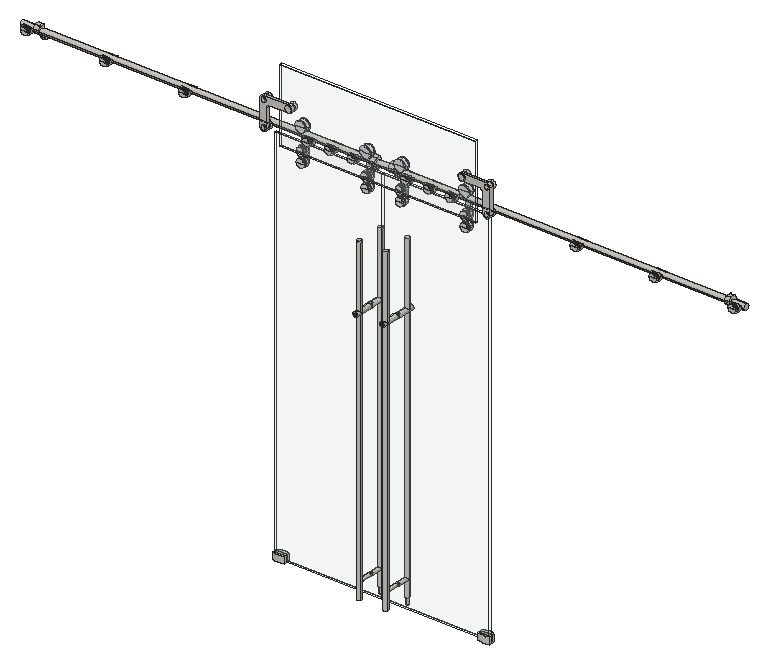
Revit family "Doors_Sliding_Avanti_Systems_Eclipse-Sliding-Pair-Glass-Barn-Doors-Sgl-Glazed", category Doors, Revit 2015 (continued)
Definition of nested family "Handle"
  Nested families (in)
    nested 9: "Handle_For-Glass_Rounded_60in2" at (1.625, 2.47039, -1.875), visible <- "Ladder 60"", Handle Material <- "Material", type "60""
      with No locker no, Locker yes, Handle Material none, Handle Height 60"
  Definition of nested family "Family2"
    Parameters (values of type "Family2")
      Thickness = 1/2"
      Material = none
      Lock = no
    Reference planes (in)
      plane 1 "Center (Front/Back)": y = 0
      plane 2: z = 0
      plane 3 "Center (Left/Right)": x = 0
      plane 4: z = -2.09734
      plane 5: z = -1.59734
    Forms (in)
      Extrusion 1, solid, material <- "Material"
        sketch origin (0, 0, 0) x (0, 1, 0) y (0, 0, 1)
          loop
            line (5.04078, -0.345) -> (5.04078, 0) -> (-2.39922, 0) -> (-2.39922, -0.345) -> (5.04078, -0.345)
        from 0 to 1
      Extrusion 2, solid, material <- "Material"
        sketch origin (0, 0, 0) x (0, 1, 0) y (0, 0, 1)
          loop
            line (-0.3074, -0.345) -> (-1.4374, -0.345) -> (-1.4374, -1.31734) -> (-0.3074, -1.31734) -> (-0.3074, -0.345)
        from 0.32565 to 0.66353
      Extrusion 3, solid, material <- "Material"
        sketch origin (0, 0, 0) x (0, 1, 0) y (0, 0, 1)
          loop
            line (-1.4374, -1.31734) -> (-1.4374, -1.59734) -> (1.43807, -1.59734) -> (1.43807, -1.31734) -> (-1.4374, -1.31734)
          loop
            line (1.45803, -2.09734) -> (-1.41697, -2.09734) -> (-1.41697, -3.82961)
            arc (-1.41697, -3.82961) -> (-1.36191, -3.96254) -> (-1.22897, -4.01761) r 0.188
            line (-1.22897, -4.01761) -> (1.27003, -4.01761)
            arc (1.27003, -4.01761) -> (1.40297, -3.96254) -> (1.45803, -3.82961) r 0.188
            line (1.45803, -3.82961) -> (1.45803, -2.09734)
        from 0 to 1
      Extrusion 4, solid, material <- "Material"
        sketch origin (0, 0, 0) x (0, 1, 0) y (0, 0, 1)
          loop
            arc (-3.2641, -0.65221) -> (-3.242, -0.64306) -> (-3.23285, -0.62096) r 0.03125
            line (-3.23285, -0.62096) -> (-3.23285, 0) -> (-3.4516, 0) -> (-3.4516, -0.62096)
            arc (-3.4516, -0.62096) -> (-3.44244, -0.64306) -> (-3.42035, -0.65221) r 0.03125
            line (-3.42035, -0.65221) -> (-3.2641, -0.65221)
        from 0.32565 to 0.66353
      Extrusion 5, solid, material <- "Material", visible <- "Lock"
        sketch origin (1, 0, 0) x (0, 1, 0) y (0, 0, 1)
          loop
            circle (0.20853, -3.12734) r 0.58
          loop
            circle (0.20853, -3.12734) r 0.5625
          loop
            circle (-0.07272, -3.12734) r 0.22671
        from 0 to 0.25
      Extrusion 6, solid, material <- "Material", visible <- "Lock"
        sketch origin (1, 0, 0) x (0, 1, 0) y (0, 0, 1)
          loop
            circle (0.20853, -3.12734) r 0.5625
        from 0 to 0.20472
      Extrusion 7, solid, material <- "Material", visible <- "Lock", not visible
        sketch origin (1, 0, 0) x (0, 1, 0) y (0, 0, 1)
          loop
            circle (0.20853, -3.12734) r 0.58
          loop
            circle (0.20853, -3.12734) r 0.5625
          loop
            circle (-0.07272, -3.12734) r 0.22671
        from 0 to 0.25
      Extrusion 8, solid, material <- "Material", visible <- "Lock", not visible
        sketch origin (1, 0, 0) x (0, 1, 0) y (0, 0, 1)
          loop
            circle (0.20853, -3.12734) r 0.5625
        from 0 to 0.20472
    Lines and regions (in)
      model lines, not visible
        curve 1: line (0, -0.35397, -3.12734) -> (0, 0.39603, -3.12734)
        curve 2: line (0, -0.35397, -3.12734) -> (0, 0.39603, -3.12734)
    Dimensions and locks (in)
      "Thickness": plane 4 to plane 5
      locked: plane 5 to plane 2 at 1.59734
      aligned and locked: level to plane 2
      aligned and locked: plane 5 to Extrusion 3 sketch curve
      aligned and locked: Extrusion 3 sketch curve to Extrusion 2
      aligned and locked: Extrusion 3 sketch curve to plane 4
  Definition of nested family "Family3"
    Parameters (values of type "Family3")
      Thickness = 0.50125"
      Material = none
    Reference planes (in)
      plane 1 "Center (Front/Back)": y = 0
      plane 2: z = 0
      plane 3 "Center (Left/Right)": x = 0
      plane 4: z = 0.26102
      plane 5: z = -0.24023
    Forms (in)
      Extrusion 1, solid, material <- "Material"
        sketch origin (-0.98898, 0.625, 0.26102) x (0, 0, -1) y (0, 1, 0)
          loop
            line (-0.28125, 0.125) -> (-0.28125, -2.375) -> (0, -2.375) -> (0, 0) -> (0.50125, 0) -> (0.50125, -2.37518) -> (0.78125, -2.37518) -> (0.78125, 0.125) -> (-0.28125, 0.125)
        from 0 to 1.25
      Revolve 2, solid, material <- "Material"
        sketch origin (-0.36398, 0.615, 0.26102) x (0, 0, -1) y (0, 1, 0)
          loop
            line (-0.28125, -0.615) -> (-1.5092, -0.615) -> (-1.5092, -0.995) -> (-0.28125, -0.995) -> (-0.28125, -0.615)
          axis (-1.5092, -0.995) -> (-0.28125, -0.995)
        angle from 0 to 360
    Dimensions and locks (in)
      "Thickness": plane 4 to plane 5
      locked: Extrusion 1 to plane 4 at 0.28125
      locked: plane 5 to Extrusion 1 at 0.28
      aligned and locked: level to plane 2
      aligned and locked: Extrusion 1 to plane 4
      aligned and locked: plane 5 to Extrusion 1
  Definition of nested family "Handle Timber"
    Parameters (values of type "Handle Timber")
      Locker [instance] = yes
      Handle material = none
      Default Elevation = 48"
    Reference planes (in)
      plane 1 "Center (Front/Back)": y = 0
      plane 2: z = 0
      plane 3 "Center (Left/Right)": x = 0
    Forms (in)
      Extrusion 1, solid, material <- "Handle material"
        sketch origin (0, 0.00944, 0.00975) x (-1, 0, 0) y (0, -1, 0.00026)
          loop
            line (0.82036, -6.01526) -> (0.82036, -4.11121)
            arc (0.82036, -4.11121) -> (0, -3.29085) -> (-0.82036, -4.11121) r 0.82036
            line (-0.82036, -4.11121) -> (-0.82036, -6.01526)
            arc (-0.82036, -6.01526) -> (0, -6.83563) -> (0.82036, -6.01526) r 0.82036
          loop
            line (0.82036, -0.95129) -> (0.82036, 0.95276)
            arc (0.82036, 0.95276) -> (0, 1.77313) -> (-0.82036, 0.95276) r 0.82036
            line (-0.82036, 0.95276) -> (-0.82036, -0.95129)
            arc (-0.82036, -0.95129) -> (0, -1.77165) -> (0.82036, -0.95129) r 0.82036
        from -0.36 to -0.00798
      Sweep 2, solid, material <- "Handle material"
        path origin (0, 0.00944, 0.00975) x (-1, 0, 0) y (0, 0.00026, 1)
          loop
            line (0.00372, -0.36) -> (0.00372, -2.13165)
            arc (0.00372, -2.13165) -> (0.19244, -2.58727) -> (0.64805, -2.77599) r 0.64433
            line (0.64805, -2.77599) -> (4.19136, -2.77599)
            arc (4.19136, -2.77599) -> (4.78191, -2.53137) -> (5.02652, -1.94082) r 0.83517
            line (5.02652, -1.94082) -> (5.02652, -0.63757)
        profile origin (-0.00372, 0.00911, -1.23607) x (-1, 0, 0) y (0, 1, -0.00026)
          loop
            circle (0, 0) r 0.3937
      Extrusion 3, solid, material <- "Handle material", visible <- "Locker"
        sketch origin (0, 0.00944, 0.00975) x (-1, 0, 0) y (0, -1, 0.00026)
          loop
            line (0.82009, 4.11958) -> (0.82408, 6.02363)
            arc (0.82408, 6.02363) -> (0.00543, 6.84571) -> (-0.81665, 6.02706) r 0.82036
            line (-0.81665, 6.02706) -> (-0.82063, 4.12301)
            arc (-0.82063, 4.12301) -> (-0.00199, 3.30093) -> (0.82009, 4.11958) r 0.82036
        from -0.36 to -0.01061
    Lines and regions (in)
      reference lines
        curve 1: line (0, 6.84506, 0) -> (0, -6.83627, 0)
        curve 2: line (-5.42022, 0.00893, 0) -> (0.82036, 0.00893, 0)
    Dimensions and locks (in)
      aligned and locked: level to plane 2
  Definition of nested family "Hinged Framed Swing locker"
    Parameters (values of type "Hinged Framed Swing locker")
      Thickness = 1/2"
      Lock = yes
      Handle and assembly material [instance] = none
    Reference planes (in)
      plane 1 "Center (Front/Back)": y = 0
      plane 2: z = 0
      plane 3 "Center (Left/Right)": x = 0
      plane 4: y = 0.59375
      plane 5: y = -0.59375
      plane 6: x = -1
      plane 7: x = 1
      plane 8: y = 0.25
      plane 9: y = -0.25
      plane 10: x = 1.5
      plane 11: z = 8
      plane 12: z = 4.6875
      plane 13: z = 3.6875
      plane 14: z = 3.125
      plane 15: x = 1.38539
      plane 16: z = 2.79297
      plane 17: y = 0.25
      plane 18: y = -0.25
      plane 19: x = 0.90286
      plane 20: z = 6.0625
      plane 21: y = -0.84375
      plane 22: y = -0.80275
      plane 23 "handle_center": z = 2.4375
      plane 24: x = -4.375
      plane 25: y = -1.23355
      plane 26: z = 2.69544
      plane 27: z = 2.17956
      plane 28: y = -2.05222
      plane 29: y = -2.71875
      plane 30: z = 2.69544
      plane 31: z = 2.17956
      plane 32: z = 4.25
      plane 33: z = 3.75
      plane 34: z = 4
    Forms (in)
      Extrusion 1, solid, material <- "Handle and assembly material"
        sketch origin (0, -4, 4) x (1, 0, 0) y (0, 0, -1)
          loop
            line (-1, 0.59375) -> (-1, 0.25) -> (0.90286, 0.25) -> (0.90286, -0.25) -> (-1, -0.25) -> (-1, -0.59375) -> (1, -0.59375) -> (1, 0.59375) -> (-1, 0.59375)
        from 0 to 8
      Extrusion 2, solid, material <- "Handle and assembly material", detail levels fine
        sketch origin (0, -4, 4) x (1, 0, 0) y (0, 0, -1)
          loop
            line (1, 0.25) -> (1, -0.25)
            arc (1, -0.25) -> (1.27121, -0.02121) -> (1.5, 0.25) r 2.09856
            line (1.5, 0.25) -> (1, 0.25)
        from 3.6875 to 4.6875
      Extrusion 3, solid, material <- "Handle and assembly material", detail levels fine
        sketch origin (0, -4, 4) x (1, 0, 0) y (0, 0, -1)
          loop
            line (1, 0.25) -> (1, -0.25)
            arc (1, -0.25) -> (1.0598, -0.20427) -> (1.0921, -0.13627) r 0.16012
            arc (1.0921, -0.13627) -> (1.11202, -0.10046) -> (1.14874, -0.08227) r 0.06897
            line (1.14874, -0.08227) -> (1.30312, -0.08227)
            arc (1.30312, -0.08227) -> (1.36129, -0.05818) -> (1.38539, 0) r 0.08227
            arc (1.38539, 0) -> (1.36129, 0.05818) -> (1.30312, 0.08227) r 0.08227
            line (1.30312, 0.08227) -> (1.14874, 0.08227)
            arc (1.14874, 0.08227) -> (1.11202, 0.10046) -> (1.0921, 0.13627) r 0.06897
            arc (1.0921, 0.13627) -> (1.0598, 0.20427) -> (1, 0.25) r 0.16012
        from 2.79297 to 3.125
      Extrusion 4, solid, material <- "Handle and assembly material", visible <- "Lock", detail levels medium+fine
        sketch origin (1, -4, 4.59375) x (-1, 0, 0) y (0, -1, 0)
          loop
            circle (1, -6.0625) r 0.63654
          loop
            circle (1, -6.0625) r 0.60041
        from 0 to 0.25
      Extrusion 5, solid, material <- "Handle and assembly material", visible <- "Lock", detail levels medium+fine
        sketch origin (1, -4, 4.59375) x (-1, 0, 0) y (0, -1, 0)
          loop
            circle (1, -6.0625) r 0.60041
        from 0 to 0.209
      Blend 6, solid, material <- "Handle and assembly material", visible <- "Lock", detail levels fine
        base sketch origin (1, -4, 4.80275) x (-1, 0, 0) y (0, -1, 0)
          loop
            circle (1, -5.84645) r 0.21605
        top sketch origin (1, -4, 4.80275) x (-1, 0, 0) y (0, -1, 0)
          loop
            circle (1, -5.84645) r 0.19257
        from 0 to 0.041
      Extrusion 7, solid, material <- "Handle and assembly material"
        sketch origin (1, -4, 4.59375) x (-1, 0, 0) y (0, -1, 0)
          loop
            circle (1, -2.4375) r 0.35547
        from 0 to 1.45847
      Extrusion 8, void
        sketch origin (0.04357, -4.04543, 4) x (0, 0, -1) y (-0.017452, 0.999848, 0)
          loop
            line (-1.23355, 2.79297) -> (-1.23355, 2.90667) -> (-2.86779, 2.90667) -> (-2.86779, 2.69544) -> (-1.36779, 2.69544)
            arc (-1.36779, 2.69544) -> (-1.28242, 2.71908) -> (-1.23355, 2.79297) r 0.12635
        from -3.60215 to 0.49573
      Extrusion 9, solid, material <- "Handle and assembly material"
        sketch origin (1, -4, 4.59375) x (-1, 0, 0) y (0, -1, 0)
          loop
            arc (0.71851, -2.22043) -> (0.66353, -2.32283) -> (0.64453, -2.4375) r 0.35547
            arc (0.64453, -2.4375) -> (0.66353, -2.55217) -> (0.71851, -2.65457) r 0.35547
            line (0.71851, -2.65457) -> (5.3098, -2.57443) -> (5.375, -2.50923) -> (5.375, -2.36577) -> (5.3098, -2.30057) -> (0.71851, -2.22043)
        from 1.45847 to 2.125
      Extrusion 10, void
        sketch origin (0.04357, 0.92043, 4) x (0, 0, -1) y (0.017452, 0.999848, 0)
          loop
            arc (-1.23355, -2.79297) -> (-1.28242, -2.71908) -> (-1.36779, -2.69544) r 0.12635
            line (-1.36779, -2.69544) -> (-2.86779, -2.69544) -> (-2.86779, -2.90667) -> (-1.23355, -2.90667) -> (-1.23355, -2.79297)
        from -3.60215 to 0.49573
      Extrusion 11, solid, material <- "Handle and assembly material"
        sketch origin (1, -4, 3.40625) x (0, 1, 0) y (1, 0, 0)
          loop
            circle (2.4375, -1) r 0.35547
        from 0 to 1.45847
      Extrusion 12, void
        sketch origin (0.04357, -4.04543, 4) x (0, 0, 1) y (0.017452, -0.999848, 0)
          loop
            arc (-1.23355, -2.79297) -> (-1.28242, -2.71908) -> (-1.36779, -2.69544) r 0.12635
            line (-1.36779, -2.69544) -> (-2.86779, -2.69544) -> (-2.86779, -2.90667) -> (-1.23355, -2.90667) -> (-1.23355, -2.79297)
        from -3.60215 to 0.49573
      Extrusion 13, solid, material <- "Handle and assembly material"
        sketch origin (1, -4, 3.40625) x (0, 1, 0) y (1, 0, 0)
          loop
            line (2.22043, -0.71851) -> (2.30057, -5.3098) -> (2.36577, -5.375) -> (2.50923, -5.375) -> (2.57443, -5.3098) -> (2.65457, -0.71851)
            arc (2.65457, -0.71851) -> (2.55217, -0.66353) -> (2.4375, -0.64453) r 0.35547
            arc (2.4375, -0.64453) -> (2.32283, -0.66353) -> (2.22043, -0.71851) r 0.35547
        from 1.45847 to 2.125
      Extrusion 14, void
        sketch origin (0.04357, 0.92043, 4) x (0, 0, 1) y (-0.017452, -0.999848, 0)
          loop
            line (-1.23355, 2.79297) -> (-1.23355, 2.90667) -> (-2.86779, 2.90667) -> (-2.86779, 2.69544) -> (-1.36779, 2.69544)
            arc (-1.36779, 2.69544) -> (-1.28242, 2.71908) -> (-1.23355, 2.79297) r 0.12635
        from -3.60215 to 0.49573
    Cuts and joins
      Extrusion 8, Extrusion 10, Extrusion 12, Extrusion 14 cuts Extrusion 7
      Extrusion 10, Extrusion 12, Extrusion 14 cuts Extrusion 9
      joined: Extrusion 7, Extrusion 9
      Extrusion 12, Extrusion 14 cuts Extrusion 11
      Extrusion 12 cuts Extrusion 13
      joined: Extrusion 11, Extrusion 13
    Lines and regions (in)
      reference lines
        curve 1: line (0.35547, -1.5625, 0) -> (-4.39453, -1.5625, 0)
    Dimensions and locks (in)
      plane 4 to plane 5 = 1 3/16"
      plane 6 to plane 7 = 2"
      plane 11 to plane 2 = 8"
      plane 11 to plane 12 to plane 13 to plane 14 to plane 16 = 3 5/16" locked, 1" locked, 9/16" locked, 85/256" locked
      equal spacing: plane 17, plane 1 "Center (Front/Back)", plane 18
      "Thickness": plane 17 to plane 18
      locked: plane 19 to plane 7 at 0.09714
      locked: plane 15 to plane 10 at 0.11461
      equal spacing: plane 6, plane 3 "Center (Left/Right)", plane 7
      locked: plane 11 to plane 20 at 1.9375
      locked: plane 5 to plane 21 at 0.25
      locked: plane 22 to plane 21 at 0.041
      locked: plane 11 to plane 23 "handle_center" at 5.5625
      locked: plane 24 to plane 7 at 5.375
      locked: plane 5 to plane 29 at 2.125
      "Thickness": plane 32 to plane 33
      locked: Extrusion 1 to plane 32 at 0.34375
      locked: plane 33 to Extrusion 1 at 0.34375
      aligned and locked: level to plane 2
      aligned and locked: Extrusion 1 sketch curve to plane 6  (x2)
      aligned and locked: plane 7 to Extrusion 1 sketch curve
      aligned and locked: plane 7 to Extrusion 3 sketch curve  (x2)
      aligned and locked: plane 15 to Extrusion 3 sketch curve
      aligned and locked: plane 7 to Extrusion 2 sketch curve  (x2)
      aligned and locked: plane 10 to Extrusion 2 sketch curve
      aligned and locked: plane 19 to Extrusion 1 sketch curve
      aligned and locked: Extrusion 1 to plane 32
      aligned and locked: plane 33 to Extrusion 1
    Automatic sketch dimensions
      Extrusion 1 sketch curve to plane 12 = 3/32"
      Extrusion 1 sketch curve to Extrusion 1 sketch curve = 11/32"
      plane 13 to Extrusion 1 sketch curve = 1/16"
      Extrusion 1 sketch curve to plane 13 = 9/32"
      plane 23 "handle_center" to Extrusion 2 sketch curve = 0.09981"
      Extrusion 2 sketch curve to plane 3 "Center (Left/Right)" = 0.21269"
      plane 13 to Extrusion 2 sketch curve = 1/16"
      Extrusion 3 sketch curve to Extrusion 3 sketch curve = 0"  (x2)
      plane 19 to Extrusion 3 sketch curve = 0.0325"  (x2)
      Extrusion 3 sketch curve to plane 7 = 0.14874"  (x2)
      Extrusion 3 sketch curve to Extrusion 3 sketch curve = 0.01087"  (x2)
      Extrusion 3 sketch curve to Extrusion 3 sketch curve = 0.08227"
      Extrusion 3 sketch curve to plane 12 = 7/16"
      Extrusion 3 sketch curve to Extrusion 3 sketch curve = 0.09962"
      Extrusion 3 sketch curve to Extrusion 3 sketch curve = 0.1465"
      Extrusion 3 sketch curve to Extrusion 3 sketch curve = 0.06811"  (x2)
      Extrusion 3 sketch curve to Extrusion 3 sketch curve = 0.20701"
      plane 13 to Extrusion 3 sketch curve = 1/16"
      Extrusion 4 sketch curve to Extrusion 4 sketch curve = 0"  (x2)
      Extrusion 4 sketch curve to Extrusion 1 = 1"
      Extrusion 1 to Extrusion 4 sketch curve = 1 15/16"
      Extrusion 5 sketch curve to Extrusion 1 = 1"
      Extrusion 1 to Extrusion 5 sketch curve = 1 15/16"
      Extrusion 7 sketch curve to plane 3 "Center (Left/Right)" = 0"
      plane 25 to Extrusion 7 sketch curve = 0.32895"
      plane 20 to Extrusion 8 sketch curve = 0.80529"
      plane 12 to Extrusion 8 sketch curve = 0.68029"
      Extrusion 8 sketch curve to Extrusion 8 sketch curve = 0.0111"
      Extrusion 8 sketch curve to Extrusion 8 sketch curve = 0.12313"
      Extrusion 8 sketch curve to Extrusion 8 sketch curve = 0.09753"
      Extrusion 8 sketch curve to Extrusion 8 sketch curve = 0.1137"
      Extrusion 9 sketch curve to Extrusion 9 sketch curve = 0"  (x4)
      Extrusion 9 sketch curve to Extrusion 1 = 0.71851"
      Extrusion 9 sketch curve to Extrusion 9 sketch curve = 0.28149"
      Extrusion 1 to Extrusion 9 sketch curve = 3.3098"
      Extrusion 9 sketch curve to Extrusion 9 sketch curve = 0.0652"  (x3)
      Extrusion 1 to Extrusion 9 sketch curve = 2.65457"
      Extrusion 1 to Extrusion 9 sketch curve = 2.57443"
      Extrusion 9 sketch curve to Extrusion 9 sketch curve = 0.21707"
      Extrusion 9 sketch curve to Extrusion 9 sketch curve = 0.14346"
      plane 20 to Extrusion 10 sketch curve = 0.80529"
      plane 12 to Extrusion 10 sketch curve = 0.68029"
      Extrusion 10 sketch curve to Extrusion 10 sketch curve = 0.0111"
      Extrusion 10 sketch curve to Extrusion 10 sketch curve = 0.12313"
      Extrusion 10 sketch curve to Extrusion 10 sketch curve = 0.08537"
      Extrusion 10 sketch curve to Extrusion 10 sketch curve = 0.1137"
      Extrusion 11 sketch curve to plane 3 "Center (Left/Right)" = 0"
      plane 25 to Extrusion 11 sketch curve = 0.32895"
      plane 27 to Extrusion 12 sketch curve = 1.04735"
      Extrusion 12 sketch curve to plane 26 = 0.06323"
      Extrusion 12 sketch curve to plane 26 = 0.05213"
      Extrusion 12 sketch curve to plane 16 = 0.02652"
      Extrusion 12 sketch curve to Extrusion 12 sketch curve = 0.08537"
      Extrusion 12 sketch curve to Extrusion 12 sketch curve = 0.1137"
      Extrusion 13 sketch curve to Extrusion 13 sketch curve = 0"  (x2)
      Extrusion 13 sketch curve to plane 24 = 0"
      Extrusion 13 sketch curve to plane 3 "Center (Left/Right)" = 0"
      plane 28 to Extrusion 13 sketch curve = 0.27265"
      Extrusion 13 sketch curve to plane 24 = 0.0652"  (x2)
      plane 28 to Extrusion 13 sketch curve = 0.35279"
      Extrusion 13 sketch curve to Extrusion 13 sketch curve = 0.0652"  (x2)
      plane 25 to Extrusion 13 sketch curve = 0.32895"
      Extrusion 13 sketch curve to Extrusion 13 sketch curve = 0.14346"
      plane 25 to Extrusion 13 sketch curve = 0.11187"
      plane 3 "Center (Left/Right)" to Extrusion 13 sketch curve = 0.28149"
      plane 27 to Extrusion 14 sketch curve = 1.04735"
      Extrusion 14 sketch curve to plane 26 = 0.06323"
      Extrusion 14 sketch curve to plane 26 = 0.05213"
      Extrusion 14 sketch curve to plane 16 = 0.02652"
      Extrusion 14 sketch curve to Extrusion 14 sketch curve = 0.09753"
      Extrusion 14 sketch curve to Extrusion 14 sketch curve = 0.1137"
      plane 24 to curve 1 = 5/256"
      plane 25 to curve 1 = 0.32895"
      plane 3 "Center (Left/Right)" to curve 1 = 91/256"
      radius of Extrusion 4 sketch curve = 0.63654"
      radius of Extrusion 4 sketch curve = 0.60041"
      radius of Extrusion 5 sketch curve = 0.60041"
      radius of Blend 6 sketch curve = 0.21605"
      radius of Blend 6 sketch curve = 0.19257"
      radius of Extrusion 7 sketch curve = 91/256"
      radius of Extrusion 11 sketch curve = 91/256"
  Definition of nested family "Handle_For-Glass_Rounded_600mm"
    Parameters (values of type "Handle_For-Glass_Rounded_600mm")
      Handle Material [instance] = none
      Handle Height [instance] = 48"  # constant formula
      Default Elevation = 48"
    Reference planes (in)
      plane 1 "Center (Front/Back)": y = 0
      plane 2: z = 26.93599
      plane 3 "Center (Left/Right)": x = 0
      plane 4: z = 0
      plane 5: z = -2.66749
      plane 6: y = -28.44876
      plane 7: y = 14.63423
      plane 8: y = -33.36577
    Forms (in)
      Sweep 1, solid, material <- "Handle Material"
        path origin (0, -17.24158, 0) x (0, 0, 1) y (0, -1, 0)
          loop
            line (-2.10925, 11.20718) -> (0, 11.20718)
        profile origin (0, -28.44876, 0) x (0, -1, 0) y (1, 0, 0)
          loop
            circle (0, 0) r 0.3125
      Sweep 2, solid, material <- "Handle Material"
        path origin (0, 10.76459, 0) x (0, 0, 1) y (0, -1, 0)
          loop
            line (-2.30394, 1.07019) -> (0, 1.07019)
        profile origin (0, 9.69441, 0) x (0, -1, 0) y (1, 0, 0)
          loop
            circle (0, 0) r 0.3125
      Extrusion 3, solid, material <- "Handle Material"
        sketch origin (0, -17.24158, 0) x (1, 0, 0) y (0, 0, -1)
          loop
            circle (0, 2.27257) r 0.39445
        from -16.12419 to 31.87581
    Dimensions and locks (in)
      locked: plane 8 to plane 6 at 4.91701
      "Handle Height": plane 7 to plane 8
      aligned and locked: plane 7 to Extrusion 3
      aligned and locked: Extrusion 3 to plane 8
  Definition of nested family "Handle_For-Glass_Rounded_60in"
    Parameters (values of type "60"")
      No locker [instance] = yes
      Locker [instance] = yes
      Handle Material [instance] = none
      Handle Height [instance] = 60"  # constant formula
    Reference planes (in)
      plane 1 "Center (Front/Back)": y = 0
      plane 2: z = 19.87581
      plane 3 "Center (Left/Right)": x = 0
      plane 4: z = 2.66749
      plane 5: y = -36.97039
      plane 6: z = 0
      plane 7: y = 20.02961
      plane 8: y = -39.97039
    Forms (in)
      Sweep 1, solid, material <- "Handle Material"
        path origin (0, -11.8462, 0) x (0, 0, -1) y (0, 1, 0)
          loop
            line (-2.10925, -25.12419) -> (0, -25.12419)
        profile origin (0, -36.97039, 0) x (1, 0, 0) y (0, 1, 0)
          loop
            circle (0, 0) r 0.3125
      Sweep 2, solid, material <- "Handle Material"
        path origin (0, 16.15997, 0) x (0, 0, -1) y (0, 1, 0)
          loop
            line (-3.10757, -8.13036) -> (0, -8.13036)
        profile origin (0, 8.02961, 0) x (1, 0, 0) y (0, 1, 0)
          loop
            circle (0, 0) r 0.4375
      Extrusion 3, solid, material <- "Handle Material"
        sketch origin (0, -11.8462, 0) x (1, 0, 0) y (0, 0, -1)
          loop
            circle (0, -2.27257) r 0.39445
        from -28.12419 to 31.87581
      Revolve 4, solid, material <- "Handle Material"
        sketch origin (0, -11.8462, 0) x (0, 0, -1) y (0, 1, 0)
          loop
            line (-3.10757, 20.0489) -> (-3.19084, 20.0489) -> (-3.19084, 19.87581) -> (-3.10757, 19.87581) -> (-3.10757, 20.0489)
          axis (-3.10757, 19.87581) -> (-3.19084, 19.87581)
        angle from 0 to 360
      Extrusion 5, solid, material <- "Handle Material", visible <- "Locker"
        sketch origin (0, -11.8462, 0) x (0, 0, -1) y (0, 1, 0)
          loop
            line (-3.19084, 19.98905) -> (-3.34908, 19.98905)
            arc (-3.34908, 19.98905) -> (-3.37904, 19.97664) -> (-3.39145, 19.94668) r 0.04237
            line (-3.39145, 19.94668) -> (-3.39145, 19.80495)
            arc (-3.39145, 19.80495) -> (-3.37904, 19.77499) -> (-3.34908, 19.76258) r 0.04237
            line (-3.34908, 19.76258) -> (-3.19084, 19.76258) -> (-3.19084, 19.98905)
        from -0.03592 to 0.03621
      Revolve 6, solid, material <- "Handle Material", visible <- "No locker"
        sketch origin (0, -11.62359, 0) x (0, 0, -1) y (0, 1, 0)
          loop
            line (-3.10757, 20.0489) -> (-3.20833, 20.0489) -> (-3.20833, 19.87581) -> (-3.10757, 19.87581) -> (-3.10757, 20.0489)
          axis (-3.10757, 19.87581) -> (-3.20833, 19.87581)
        angle from 0 to 360
      Revolve 7, solid, material <- "Handle Material", visible <- "Locker"
        sketch origin (0, -11.8462, 0) x (0, 0, -1) y (0, 1, 0)
          loop
            line (-2.27257, -28.12419) -> (-2.50833, -28.12419) -> (-2.50833, -29.32199) -> (-2.41048, -29.49919) -> (-2.27257, -29.49919) -> (-2.27257, -28.12419)
          axis (-2.27257, -28.12419) -> (-2.27257, -29.49919)
        angle from 0 to 360
    Lines and regions (in)
      reference lines
        curve 1: line (0, -40.47039, 2.66749) -> (0, -40.47039, 0)
    Dimensions and locks (in)
      locked: plane 8 to plane 5 at 3
      "Handle Height": plane 7 to plane 8
      aligned and locked: Extrusion 3 to plane 7
      aligned and locked: Extrusion 3 to plane 8
      aligned and locked: Sweep 1 sketch curve to plane 5
  Definition of nested family "Handle_For-Glass_Rounded_60in2"
    Parameters (values of type "60"")
      No locker [instance] = yes
      Locker [instance] = yes
      Handle Material [instance] = none
      Handle Height [instance] = 60"  # constant formula
    Reference planes (in)
      plane 1 "Center (Front/Back)": y = 0
      plane 2: z = 19.87581
      plane 3 "Center (Left/Right)": x = 0
      plane 4: y = -36.97039
      plane 5: z = 0
      plane 6: y = 20.02961
      plane 7: y = -39.97039
      plane 8: z = -2.66749
    Forms (in)
      Sweep 1, solid, material <- "Handle Material"
        path origin (0, -11.8462, 0) x (0, 0, 1) y (0, 1, 0)
          loop
            line (-2.10925, -25.12419) -> (0, -25.12419)
        profile origin (0, -36.97039, 0) x (0, -1, 0) y (1, 0, 0)
          loop
            circle (0, 0) r 0.3125
      Sweep 2, solid, material <- "Handle Material"
        path origin (0, 16.15997, 0) x (0, 0, 1) y (0, 1, 0)
          loop
            line (-3.10757, -8.13036) -> (0, -8.13036)
        profile origin (0, 8.02961, 0) x (0, -1, 0) y (1, 0, 0)
          loop
            circle (0, 0) r 0.4375
      Extrusion 3, solid, material <- "Handle Material"
        sketch origin (0, -11.8462, 0) x (1, 0, 0) y (0, 0, -1)
          loop
            circle (0, 2.27257) r 0.39445
        from -28.12419 to 31.87581
      Revolve 4, solid, material <- "Handle Material"
        sketch origin (0, -11.8462, 0) x (0, 0, 1) y (0, 1, 0)
          loop
            line (-3.10757, 20.0489) -> (-3.19084, 20.0489) -> (-3.19084, 19.87581) -> (-3.10757, 19.87581) -> (-3.10757, 20.0489)
          axis (-3.10757, 19.87581) -> (-3.19084, 19.87581)
        angle from 0 to 360
      Extrusion 5, solid, material <- "Handle Material", visible <- "Locker"
        sketch origin (0, -11.8462, 0) x (0, 0, 1) y (0, -1, 0)
          loop
            line (-3.19084, -19.98905) -> (-3.19084, -19.76258) -> (-3.34908, -19.76258)
            arc (-3.34908, -19.76258) -> (-3.37904, -19.77499) -> (-3.39145, -19.80495) r 0.04237
            line (-3.39145, -19.80495) -> (-3.39145, -19.94668)
            arc (-3.39145, -19.94668) -> (-3.37904, -19.97664) -> (-3.34908, -19.98905) r 0.04237
            line (-3.34908, -19.98905) -> (-3.19084, -19.98905)
        from -0.03592 to 0.03621
      Revolve 6, solid, material <- "Handle Material", visible <- "No locker"
        sketch origin (0, -11.62359, 0) x (0, 0, 1) y (0, 1, 0)
          loop
            line (-3.10757, 20.0489) -> (-3.20833, 20.0489) -> (-3.20833, 19.87581) -> (-3.10757, 19.87581) -> (-3.10757, 20.0489)
          axis (-3.10757, 19.87581) -> (-3.20833, 19.87581)
        angle from 0 to 360
      Revolve 7, solid, material <- "Handle Material", visible <- "Locker"
        sketch origin (0, -11.8462, 0) x (0, 0, 1) y (0, 1, 0)
          loop
            line (-2.27257, -28.12419) -> (-2.50833, -28.12419) -> (-2.50833, -29.32199) -> (-2.41048, -29.49919) -> (-2.27257, -29.49919) -> (-2.27257, -28.12419)
          axis (-2.27257, -28.12419) -> (-2.27257, -29.49919)
        angle from 0 to 360
    Lines and regions (in)
      reference lines
        curve 1: line (0, -40.47039, -2.66749) -> (0, -40.47039, 0)
    Dimensions and locks (in)
      locked: plane 7 to plane 4 at 3
      "Handle Height": plane 6 to plane 7
Definition of nested family "Arrow"
  Reference planes (in)
    plane 1 "Center (Front/Back)": y = 0
    plane 2: z = 0
    plane 3 "Center (Left/Right)": x = 0
  Lines and regions (in)
    detail lines, in view "Ref. Level"
      curve 1: line (-2.57725, 1.35976, 0) -> (-3.93701, 0, 0)
      curve 2: line (-3.93701, 0, 0) -> (3.93701, 0, 0)
      curve 3: line (-2.57725, -1.35976, 0) -> (-3.93701, 0, 0)
